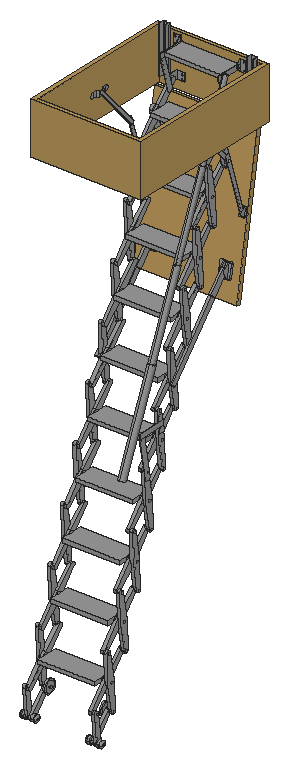
Revit family "schaartrap_Small+ 700x1000mm", category Generic Models, Revit 2019 (continued)
Automatic sketch dimensions
  Extrusion 87 sketch curve to Extrusion 87 sketch curve = 294.54 mm
  Extrusion 87 sketch curve to Extrusion 87 sketch curve = 92.391 mm
  Extrusion 87 sketch curve to Extrusion 87 sketch curve = 293.597 mm
  Extrusion 87 sketch curve to Extrusion 87 sketch curve = 0 mm  (x20)
  Extrusion 87 sketch curve to Extrusion 87 sketch curve = 92.554 mm
  Extrusion 87 sketch curve to Extrusion 87 sketch curve = 294.085 mm
  Extrusion 47 sketch curve to Extrusion 47 sketch curve = 5.05 mm  (x10)
  Extrusion 47 sketch curve to Extrusion 47 sketch curve = 92.56 mm
  Extrusion 47 sketch curve to Extrusion 47 sketch curve = 294.106 mm
  Extrusion 47 sketch curve to Extrusion 47 sketch curve = 92.528 mm
  Extrusion 47 sketch curve to Extrusion 47 sketch curve = 294.008 mm
  Extrusion 47 sketch curve to Extrusion 47 sketch curve = 92.614 mm
  Extrusion 47 sketch curve to Extrusion 47 sketch curve = 294.266 mm
  Extrusion 47 sketch curve to Extrusion 47 sketch curve = 92.482 mm
  Extrusion 47 sketch curve to Extrusion 47 sketch curve = 293.871 mm
  Extrusion 47 sketch curve to Extrusion 47 sketch curve = 92.659 mm
  Extrusion 47 sketch curve to Extrusion 47 sketch curve = 294.403 mm
  Extrusion 47 sketch curve to Extrusion 47 sketch curve = 92.571 mm
  Extrusion 47 sketch curve to Extrusion 47 sketch curve = 294.137 mm
  Extrusion 47 sketch curve to Extrusion 47 sketch curve = 92.705 mm
  Extrusion 47 sketch curve to Extrusion 47 sketch curve = 294.54 mm
  Extrusion 47 sketch curve to Extrusion 47 sketch curve = 92.391 mm
  Extrusion 47 sketch curve to Extrusion 47 sketch curve = 293.597 mm
  Extrusion 47 sketch curve to Extrusion 47 sketch curve = 0 mm  (x20)
  Extrusion 47 sketch curve to Extrusion 47 sketch curve = 92.554 mm
  Extrusion 47 sketch curve to Extrusion 47 sketch curve = 294.085 mm
  Extrusion 70 sketch curve to Extrusion 70 sketch curve = 5.05 mm  (x10)
  Extrusion 70 sketch curve to Extrusion 70 sketch curve = 92.56 mm
  Extrusion 70 sketch curve to Extrusion 70 sketch curve = 294.106 mm
  Extrusion 70 sketch curve to Extrusion 70 sketch curve = 92.528 mm
  Extrusion 70 sketch curve to Extrusion 70 sketch curve = 294.008 mm
  Extrusion 70 sketch curve to Extrusion 70 sketch curve = 92.614 mm
  Extrusion 70 sketch curve to Extrusion 70 sketch curve = 294.266 mm
  Extrusion 70 sketch curve to Extrusion 70 sketch curve = 92.482 mm
  Extrusion 70 sketch curve to Extrusion 70 sketch curve = 293.871 mm
  Extrusion 70 sketch curve to Extrusion 70 sketch curve = 92.659 mm
  Extrusion 70 sketch curve to Extrusion 70 sketch curve = 294.403 mm
  Extrusion 70 sketch curve to Extrusion 70 sketch curve = 92.571 mm
  Extrusion 70 sketch curve to Extrusion 70 sketch curve = 294.137 mm
  Extrusion 70 sketch curve to Extrusion 70 sketch curve = 92.705 mm
  Extrusion 70 sketch curve to Extrusion 70 sketch curve = 294.54 mm
  Extrusion 70 sketch curve to Extrusion 70 sketch curve = 92.391 mm
  Extrusion 70 sketch curve to Extrusion 70 sketch curve = 293.597 mm
  Extrusion 70 sketch curve to Extrusion 70 sketch curve = 0 mm  (x20)
  Extrusion 70 sketch curve to Extrusion 70 sketch curve = 92.554 mm
  Extrusion 70 sketch curve to Extrusion 70 sketch curve = 294.085 mm
  curve 17 to plane 12 = 0 mm
  curve 2 to plane 31 = 0 mm
  curve 14 to plane 3 "Center (Left/Right)" = 0 mm
  curve 1 to plane 3 "Center (Left/Right)" = 0 mm
  curve 19 to plane 11 = 0 mm
  curve 17 to plane 18 = 0 mm
  curve 14 to curve 11 = 25.981 mm
  plane 3 "Center (Left/Right)" to curve 13 = 25.981 mm
  curve 1 to plane 24 = 140.048 mm
  plane 19 to curve 13 = 17 mm
  plane 5 to curve 2 = 6.5 mm
  plane 5 to curve 16 = 6.5 mm
  curve 9 to plane 24 = 17.69 mm
  curve 9 to plane 4 = 6.5 mm
  curve 16 to plane 4 = 6.5 mm
  curve 1 to plane 32 = 1.288 mm
  plane 18 to curve 16 = 171.173 mm
  curve 16 to curve 2 = 44.529 mm
  curve 16 to curve 3 = 44.529 mm
  curve 2 to curve 10 = 47.943 mm
  curve 8 to plane 23 = 8.435 mm
  curve 8 to curve 7 = 97.755 mm
  curve 7 to curve 6 = 97.755 mm
  curve 5 to plane 29 = 41.452 mm
  curve 4 to plane 19 = 1.002 mm
  Extrusion 25 sketch curve to plane 19 = 1.833 mm
  Extrusion 25 sketch curve to plane 17 = 19.289 mm
  plane 29 to Extrusion 25 sketch curve = 95.548 mm
  plane 29 to Extrusion 25 sketch curve = 56.302 mm
  Extrusion 25 sketch curve to plane 29 = 2.207 mm
  Extrusion 25 sketch curve to plane 29 = 41.452 mm
  Extrusion 25 sketch curve to plane 29 = 99.962 mm
  Extrusion 25 sketch curve to Extrusion 25 sketch curve = 137 mm  (x2)
  plane 23 to Extrusion 25 sketch curve = 128.565 mm
  plane 23 to Extrusion 25 sketch curve = 89.319 mm
  plane 23 to Extrusion 25 sketch curve = 30.81 mm
  Extrusion 25 sketch curve to plane 23 = 8.435 mm
  plane 24 to Extrusion 25 sketch curve = 21.555 mm
  Extrusion 25 sketch curve to plane 24 = 17.69 mm
  Extrusion 25 sketch curve to plane 24 = 76.199 mm
  Extrusion 25 sketch curve to plane 24 = 115.445 mm
  Extrusion 25 sketch curve to plane 24 = 173.954 mm
  plane 18 to Extrusion 25 sketch curve = 84.355 mm
  plane 18 to Extrusion 25 sketch curve = 44.796 mm
  Extrusion 25 sketch curve to plane 18 = 13.249 mm
  Extrusion 25 sketch curve to plane 18 = 52.645 mm
  Extrusion 25 sketch curve to plane 32 = 49.751 mm
  Extrusion 25 sketch curve to plane 16 "bk. omtimmering" = 68.741 mm
  Extrusion 25 sketch curve to Extrusion 25 sketch curve = 23.992 mm  (x11)
  Extrusion 25 sketch curve to Extrusion 25 sketch curve = 270.548 mm  (x7)
  Extrusion 25 sketch curve to Extrusion 25 sketch curve = 269.604 mm
  Extrusion 25 sketch curve to Extrusion 25 sketch curve = 270.093 mm
  Extrusion 26 sketch curve to plane 32 = 20.318 mm
  level to Extrusion 26 sketch curve = 20 mm
  Sweep 27 sketch curve to Sweep 27 sketch curve = 0 mm  (x2)
  Sweep 27 sketch curve to plane 32 = 20.318 mm
  level to Sweep 27 sketch curve = 20 mm
  Sweep 27 sketch curve to Sweep 27 sketch curve = 20 mm
  Sweep 27 sketch curve to profile plane = 0 mm  (x2)
  Sweep 27 sketch curve to profile plane = 7.976 mm
  Sweep 27 sketch curve to Sweep 27 sketch curve = 2.281 mm
  Extrusion 28 sketch curve to plane 32 = 20.318 mm
  level to Extrusion 28 sketch curve = 20 mm
  Sweep 29 sketch curve to Sweep 29 sketch curve = 0 mm  (x2)
  Sweep 29 sketch curve to plane 32 = 20.318 mm
  level to Sweep 29 sketch curve = 20 mm
  Sweep 29 sketch curve to Sweep 29 sketch curve = 20 mm
  profile plane to Sweep 29 sketch curve = 0 mm
  Sweep 29 sketch curve to profile plane = 0 mm
  profile plane to Sweep 29 sketch curve = 7.976 mm
  Sweep 29 sketch curve to Sweep 29 sketch curve = 2.281 mm
  Sweep 30 sketch curve to plane 11 = 0 mm
  Sweep 30 sketch curve to plane 12 = 0 mm
  Sweep 30 sketch curve to plane 16 "bk. omtimmering" = 0 mm
  Sweep 30 sketch curve to profile plane = 0 mm
  profile plane to Sweep 30 sketch curve = 24 mm
  Sweep 30 sketch curve to Sweep 30 sketch curve = 320 mm
  plane 9 to Extrusion 31 sketch curve = 0 mm
  Extrusion 31 sketch curve to plane 5 = 0 mm
  plane 8 to Extrusion 31 sketch curve = 9.846 mm  (x2)
  plane 21 to Extrusion 31 sketch curve = 71.874 mm
  Extrusion 31 sketch curve to Extrusion 31 sketch curve = 9.769 mm
  Extrusion 31 sketch curve to plane 16 "bk. omtimmering" = 24.769 mm
  Extrusion 31 sketch curve to plane 16 "bk. omtimmering" = 15 mm
  Extrusion 32 sketch curve to plane 7 = 0 mm
  Extrusion 32 sketch curve to plane 4 = 0 mm
  Extrusion 32 sketch curve to plane 6 = 9.846 mm  (x2)
  Extrusion 32 sketch curve to plane 21 = 71.874 mm
  Extrusion 32 sketch curve to Extrusion 32 sketch curve = 9.769 mm
  plane 16 "bk. omtimmering" to Extrusion 32 sketch curve = 24.769 mm
  plane 16 "bk. omtimmering" to Extrusion 32 sketch curve = 15 mm
  plane 14 to Extrusion 33 sketch curve = 1 mm  (x2)
  Extrusion 33 sketch curve to plane 14 = 2 mm  (x2)
  Extrusion 33 sketch curve to plane 14 = 15 mm
  Extrusion 33 sketch curve to Extrusion 33 sketch curve = 3 mm
  plane 23 to Extrusion 33 sketch curve = 6.5 mm
  Extrusion 33 sketch curve to Extrusion 33 sketch curve = 22.101 mm  (x2)
  Extrusion 33 sketch curve to Extrusion 33 sketch curve = 1.562 mm  (x4)
  Extrusion 33 sketch curve to Extrusion 33 sketch curve = 11.203 mm  (x2)
  Extrusion 33 sketch curve to Extrusion 33 sketch curve = 28.769 mm
  Extrusion 34 sketch curve to plane 22 = 0 mm
  plane 22 to Extrusion 34 sketch curve = 0 mm
  plane 23 to Extrusion 34 sketch curve = 14.75 mm
  Extrusion 34 sketch curve to Extrusion 34 sketch curve = 82 mm
  Extrusion 35 sketch curve to plane 22 = 2.792 mm
  plane 23 to Extrusion 35 sketch curve = 44.964 mm
  plane 22 to Extrusion 35 sketch curve = 3.726 mm
  Extrusion 35 sketch curve to Extrusion 35 sketch curve = 7.584 mm
  Extrusion 35 sketch curve to plane 21 = 4.756 mm
  Extrusion 35 sketch curve to plane 29 = 46.658 mm
  Extrusion 35 sketch curve to Extrusion 35 sketch curve = 15.167 mm
  Extrusion 36 sketch curve to plane 21 = 0 mm
  Extrusion 36 sketch curve to plane 20 = 0 mm
  plane 20 to Extrusion 36 sketch curve = 0 mm
  plane 22 to Extrusion 36 sketch curve = 0 mm
  plane 23 to Extrusion 36 sketch curve = 6.5 mm
  Extrusion 36 sketch curve to Extrusion 36 sketch curve = 98.5 mm
  Extrusion 37 sketch curve to Extrusion 37 sketch curve = 0 mm  (x4)
  Extrusion 37 sketch curve to plane 22 = 0 mm
  plane 23 to Extrusion 37 sketch curve = 55.75 mm
  Extrusion 37 sketch curve to plane 29 = 42.39 mm
  Extrusion 37 sketch curve to plane 17 = 115.428 mm
  Extrusion 37 sketch curve to Extrusion 37 sketch curve = 3.25 mm
  Extrusion 37 sketch curve to Extrusion 37 sketch curve = 4 mm
  Extrusion 38 sketch curve to plane 13 = 1 mm  (x2)
  plane 13 to Extrusion 38 sketch curve = 2 mm  (x2)
  plane 13 to Extrusion 38 sketch curve = 15 mm
  Extrusion 38 sketch curve to Extrusion 38 sketch curve = 3 mm
  Extrusion 38 sketch curve to plane 23 = 6.5 mm
  Extrusion 38 sketch curve to Extrusion 38 sketch curve = 22.101 mm  (x2)
  Extrusion 38 sketch curve to Extrusion 38 sketch curve = 1.562 mm  (x4)
  Extrusion 38 sketch curve to Extrusion 38 sketch curve = 11.203 mm  (x2)
  Extrusion 38 sketch curve to Extrusion 38 sketch curve = 28.769 mm
  Extrusion 39 sketch curve to plane 21 = 0 mm
  Extrusion 39 sketch curve to plane 20 = 0 mm  (x2)
  Extrusion 39 sketch curve to plane 22 = 0 mm
  plane 23 to Extrusion 39 sketch curve = 6.5 mm
  Extrusion 39 sketch curve to Extrusion 39 sketch curve = 98.5 mm
  Extrusion 40 sketch curve to plane 22 = 2.792 mm
  plane 23 to Extrusion 40 sketch curve = 44.964 mm
  plane 22 to Extrusion 40 sketch curve = 3.726 mm
  Extrusion 40 sketch curve to Extrusion 40 sketch curve = 7.584 mm
  Extrusion 40 sketch curve to plane 21 = 4.756 mm
  Extrusion 40 sketch curve to plane 29 = 46.658 mm
  Extrusion 40 sketch curve to Extrusion 40 sketch curve = 15.167 mm
  Extrusion 41 sketch curve to Extrusion 41 sketch curve = 0 mm  (x4)
  plane 5 to Extrusion 41 sketch curve = 15.736 mm  (x2)
  plane 27 to Extrusion 41 sketch curve = 4.751 mm
  plane 28 to Extrusion 41 sketch curve = 26.001 mm
  Extrusion 41 sketch curve to Extrusion 41 sketch curve = 5 mm  (x2)
  Extrusion 42 sketch curve to Extrusion 42 sketch curve = 0 mm  (x4)
  plane 4 to Extrusion 42 sketch curve = 15.736 mm  (x2)
  Extrusion 42 sketch curve to plane 27 = 4.751 mm
  Extrusion 42 sketch curve to plane 28 = 26.001 mm
  Extrusion 42 sketch curve to Extrusion 42 sketch curve = 5 mm  (x2)
  Extrusion 43 sketch curve to plane 32 = 20.318 mm
  level to Extrusion 43 sketch curve = 20 mm
  Sweep 44 sketch curve to Sweep 44 sketch curve = 0 mm  (x2)
  Sweep 44 sketch curve to plane 32 = 20.318 mm
  level to Sweep 44 sketch curve = 20 mm
  Sweep 44 sketch curve to Sweep 44 sketch curve = 20 mm
  profile plane to Sweep 44 sketch curve = 0 mm
  Sweep 44 sketch curve to profile plane = 0 mm
  profile plane to Sweep 44 sketch curve = 7.976 mm
  Sweep 44 sketch curve to Sweep 44 sketch curve = 2.281 mm
  Extrusion 45 sketch curve to plane 32 = 20.318 mm
  level to Extrusion 45 sketch curve = 20 mm
  Sweep 46 sketch curve to Sweep 46 sketch curve = 0 mm  (x2)
  Sweep 46 sketch curve to plane 32 = 20.318 mm
  level to Sweep 46 sketch curve = 20 mm
  Sweep 46 sketch curve to Sweep 46 sketch curve = 20 mm
  Sweep 46 sketch curve to profile plane = 0 mm  (x2)
  Sweep 46 sketch curve to profile plane = 7.976 mm
  Sweep 46 sketch curve to Sweep 46 sketch curve = 2.281 mm
  plane 19 to Extrusion 48 sketch curve = 11.998 mm
  plane 29 to Extrusion 48 sketch curve = 45.471 mm
  Extrusion 48 sketch curve to plane 16 "bk. omtimmering" = 74.749 mm
  Extrusion 48 sketch curve to Extrusion 48 sketch curve = 15 mm
  plane 26 to Extrusion 49 sketch curve = 0.542 mm
  plane 19 to Extrusion 49 sketch curve = 70.135 mm
  Extrusion 49 sketch curve to Extrusion 49 sketch curve = 6.81 mm  (x2)
  Extrusion 49 sketch curve to Extrusion 49 sketch curve = 202.937 mm
  Extrusion 49 sketch curve to Extrusion 49 sketch curve = 0.297 mm
  Extrusion 49 sketch curve to Extrusion 49 sketch curve = 5.37 mm
  Extrusion 49 sketch curve to Extrusion 49 sketch curve = 13.365 mm
  Extrusion 49 sketch curve to Extrusion 49 sketch curve = 39.944 mm
  Extrusion 49 sketch curve to Extrusion 49 sketch curve = 15 mm
  Extrusion 50 sketch curve to Extrusion 50 sketch curve = 0 mm  (x2)
  plane 29 to Extrusion 50 sketch curve = 45.963 mm
  Extrusion 50 sketch curve to plane 16 "bk. omtimmering" = 59.978 mm
  Extrusion 50 sketch curve to Extrusion 50 sketch curve = 5.05 mm
  plane 19 to Extrusion 51 sketch curve = 11.998 mm
  plane 29 to Extrusion 51 sketch curve = 45.471 mm
  Extrusion 51 sketch curve to plane 16 "bk. omtimmering" = 44.749 mm
  Extrusion 51 sketch curve to Extrusion 51 sketch curve = 15 mm
  plane 26 to Extrusion 52 sketch curve = 0.542 mm
  plane 19 to Extrusion 52 sketch curve = 70.135 mm
  Extrusion 52 sketch curve to Extrusion 52 sketch curve = 6.81 mm  (x2)
  Extrusion 52 sketch curve to Extrusion 52 sketch curve = 202.937 mm
  Extrusion 52 sketch curve to Extrusion 52 sketch curve = 0.297 mm
  Extrusion 52 sketch curve to Extrusion 52 sketch curve = 5.37 mm
  Extrusion 52 sketch curve to Extrusion 52 sketch curve = 13.213 mm
  Extrusion 52 sketch curve to Extrusion 52 sketch curve = 15 mm
  Extrusion 52 sketch curve to Extrusion 52 sketch curve = 13.365 mm
  Extrusion 53 sketch curve to Extrusion 53 sketch curve = 0 mm  (x2)
  plane 29 to Extrusion 53 sketch curve = 45.963 mm
  Extrusion 53 sketch curve to plane 16 "bk. omtimmering" = 59.978 mm
  Extrusion 53 sketch curve to Extrusion 53 sketch curve = 5.05 mm
  curve 21 to plane 3 "Center (Left/Right)" = 0 mm
  curve 25 to plane 3 "Center (Left/Right)" = 0 mm
  plane 3 "Center (Left/Right)" to curve 22 = 17.028 mm
  curve 21 to curve 22 = 0 mm
  curve 21 to curve 25 = 117.973 mm
  curve 25 to plane 3 "Center (Left/Right)" = 17.028 mm
  curve 21 to curve 21 = 3882.912 mm
  plane 29 to Extrusion 88 sketch curve = 0.779 mm
  Extrusion 88 sketch curve to Extrusion 88 sketch curve = 23.635 mm
  Extrusion 88 sketch curve to plane 17 = 3.939 mm
  plane 19 to Extrusion 88 sketch curve = 26.42 mm
  Extrusion 88 sketch curve to Extrusion 88 sketch curve = 4.168 mm
  Extrusion 97 sketch curve to Extrusion 88 = 115.004 mm
  Extrusion 97 sketch curve to Extrusion 97 sketch curve = 10 mm  (x3)
  Extrusion 97 sketch curve to Extrusion 97 sketch curve = 73.838 mm
  Extrusion 97 sketch curve to Extrusion 97 sketch curve = 0 mm
  Extrusion 88 to Extrusion 97 sketch curve = 51.5 mm
  Extrusion 97 sketch curve to Extrusion 97 sketch curve = 51 mm
  Extrusion 98 sketch curve to Extrusion 88 = 115.004 mm
  Extrusion 98 sketch curve to Extrusion 98 sketch curve = 10 mm  (x3)
  Extrusion 98 sketch curve to Extrusion 98 sketch curve = 73.838 mm
  Extrusion 98 sketch curve to Extrusion 98 sketch curve = 0 mm
  Extrusion 88 to Extrusion 98 sketch curve = 122.5 mm
  Extrusion 98 sketch curve to Extrusion 98 sketch curve = 51 mm
  Extrusion 99 sketch curve to plane 14 = 44.5 mm
  Extrusion 99 sketch curve to Extrusion 99 sketch curve = 60 mm
  Extrusion 99 sketch curve to plane 14 = 10 mm
  plane 10 to Extrusion 100 sketch curve = 20 mm
  Extrusion 100 sketch curve to Extrusion 100 sketch curve = 60 mm
  Extrusion 100 sketch curve to plane 13 = 10 mm
  Extrusion 102 sketch curve to Extrusion 102 sketch curve = 0 mm  (x5)
  Extrusion 102 sketch curve to plane 19 = 0.999 mm
  Extrusion 102 sketch curve to plane 14 = 25 mm
  Extrusion 102 sketch curve to Extrusion 102 sketch curve = 2 mm
  Extrusion 102 sketch curve to Extrusion 102 sketch curve = 1.001 mm
  plane 9 to Extrusion 102 sketch curve = 32.5 mm
  Extrusion 102 sketch curve to Extrusion 102 sketch curve = 1 mm
  plane 19 to Extrusion 102 sketch curve = 26.998 mm  (x2)
  plane 26 to Extrusion 103 sketch curve = 0 mm
  plane 21 to Extrusion 103 sketch curve = 0 mm
  Extrusion 103 sketch curve to plane 26 = 8.998 mm
  plane 19 to Extrusion 103 sketch curve = 31.998 mm
  Extrusion 103 sketch curve to Extrusion 103 sketch curve = 5 mm
  plane 19 to Extrusion 103 sketch curve = 13.542 mm  (x13)
  Extrusion 103 sketch curve to plane 28 = 5 mm
  Extrusion 103 sketch curve to Extrusion 103 sketch curve = 4.458 mm
  Extrusion 103 sketch curve to plane 22 = 5 mm
  plane 16 "bk. omtimmering" to Extrusion 103 sketch curve = 5 mm
  Extrusion 103 sketch curve to Extrusion 103 sketch curve = 6.002 mm
  plane 27 to Extrusion 103 sketch curve = 5 mm
  Extrusion 103 sketch curve to plane 27 = 15 mm
  plane 28 to Extrusion 103 sketch curve = 15 mm
  plane 21 to Extrusion 103 sketch curve = 20 mm
  Extrusion 103 sketch curve to Extrusion 103 sketch curve = 20 mm  (x5)
  Extrusion 103 sketch curve to plane 16 "bk. omtimmering" = 15 mm
  Extrusion 104 sketch curve to Extrusion 104 sketch curve = 0 mm  (x5)
  plane 19 to Extrusion 104 sketch curve = 0.999 mm
  plane 13 to Extrusion 104 sketch curve = 25 mm
  Extrusion 104 sketch curve to Extrusion 104 sketch curve = 2 mm
  Extrusion 104 sketch curve to Extrusion 104 sketch curve = 1.001 mm
  Extrusion 104 sketch curve to plane 10 = 2.5 mm
  Extrusion 104 sketch curve to plane 10 = 1.5 mm
  Extrusion 104 sketch curve to plane 19 = 26.998 mm  (x2)
  plane 26 to Extrusion 105 sketch curve = 0 mm
  Extrusion 105 sketch curve to plane 21 = 0 mm
  Extrusion 105 sketch curve to plane 26 = 8.998 mm
  plane 19 to Extrusion 105 sketch curve = 31.998 mm
  Extrusion 105 sketch curve to Extrusion 105 sketch curve = 5 mm
  plane 19 to Extrusion 105 sketch curve = 13.542 mm  (x13)
  Extrusion 105 sketch curve to plane 28 = 5 mm
  Extrusion 105 sketch curve to Extrusion 105 sketch curve = 4.458 mm
  Extrusion 105 sketch curve to plane 22 = 5 mm
  plane 16 "bk. omtimmering" to Extrusion 105 sketch curve = 5 mm
  Extrusion 105 sketch curve to plane 16 "bk. omtimmering" = 15 mm
  Extrusion 105 sketch curve to Extrusion 105 sketch curve = 20 mm  (x5)
  plane 21 to Extrusion 105 sketch curve = 20 mm
  plane 28 to Extrusion 105 sketch curve = 15 mm
  Extrusion 105 sketch curve to plane 27 = 15 mm
  plane 27 to Extrusion 105 sketch curve = 5 mm
  Extrusion 105 sketch curve to Extrusion 105 sketch curve = 6.002 mm
  Extrusion 106 sketch curve to plane 8 = 0 mm
  plane 19 to Extrusion 106 sketch curve = 0 mm
  Extrusion 106 sketch curve to Extrusion 106 sketch curve = 4 mm
  Extrusion 106 sketch curve to plane 19 = 4 mm
  plane 5 to Extrusion 106 sketch curve = 25 mm
  plane 19 to Extrusion 106 sketch curve = 66 mm
  Extrusion 107 sketch curve to Extrusion 107 sketch curve = 0 mm  (x2)
  Extrusion 107 sketch curve to plane 27 = 16.952 mm
  plane 19 to Extrusion 107 sketch curve = 49.888 mm
  Extrusion 107 sketch curve to Extrusion 107 sketch curve = 5.05 mm
  Extrusion 108 sketch curve to plane 6 = 0 mm
  plane 19 to Extrusion 108 sketch curve = 0 mm
  Extrusion 108 sketch curve to Extrusion 108 sketch curve = 4 mm
  plane 19 to Extrusion 108 sketch curve = 4 mm
  plane 4 to Extrusion 108 sketch curve = 25 mm
  Extrusion 108 sketch curve to plane 19 = 66 mm
  Extrusion 62 sketch curve to Extrusion 62 sketch curve = 0 mm  (x2)
  Extrusion 62 sketch curve to Extrusion 62 sketch curve = 23.387 mm
  Extrusion 62 sketch curve to Extrusion 62 sketch curve = 273.29 mm
  Extrusion 62 sketch curve to Extrusion 62 sketch curve = 12.526 mm  (x2)
  Extrusion 62 sketch curve to Extrusion 62 sketch curve = 10.857 mm
  Extrusion 62 sketch curve to Extrusion 62 sketch curve = 18.789 mm
  Extrusion 62 sketch curve to Extrusion 62 sketch curve = 20.582 mm
  Extrusion 62 sketch curve to Extrusion 62 sketch curve = 15.592 mm  (x2)
  Extrusion 62 sketch curve to Extrusion 62 sketch curve = 5.25 mm
  Extrusion 63 sketch curve to Extrusion 63 sketch curve = 27.285 mm
  Extrusion 63 sketch curve to Extrusion 63 sketch curve = 94.258 mm
  Extrusion 63 sketch curve to Extrusion 63 sketch curve = 21.921 mm
  Extrusion 17 sketch curve to Extrusion 17 sketch curve = 0 mm  (x2)
  Extrusion 17 sketch curve to Extrusion 17 sketch curve = 23.387 mm
  Extrusion 17 sketch curve to Extrusion 17 sketch curve = 273.29 mm
  Extrusion 17 sketch curve to Extrusion 17 sketch curve = 12.526 mm  (x2)
  Extrusion 17 sketch curve to Extrusion 17 sketch curve = 10.857 mm
  Extrusion 17 sketch curve to Extrusion 17 sketch curve = 18.789 mm
  Extrusion 17 sketch curve to Extrusion 17 sketch curve = 20.582 mm
  Extrusion 17 sketch curve to Extrusion 17 sketch curve = 15.592 mm  (x2)
  Extrusion 17 sketch curve to Extrusion 17 sketch curve = 5.25 mm
  Extrusion 18 sketch curve to Extrusion 18 sketch curve = 27.285 mm
  Extrusion 18 sketch curve to Extrusion 18 sketch curve = 94.258 mm
  Extrusion 18 sketch curve to Extrusion 18 sketch curve = 21.921 mm
  Extrusion 80 sketch curve to Extrusion 80 sketch curve = 0 mm  (x2)
  Extrusion 80 sketch curve to Extrusion 80 sketch curve = 22.419 mm
  Extrusion 80 sketch curve to Extrusion 80 sketch curve = 288.814 mm
  Extrusion 80 sketch curve to Extrusion 80 sketch curve = 13.289 mm  (x2)
  Extrusion 80 sketch curve to Extrusion 80 sketch curve = 12.651 mm
  Extrusion 80 sketch curve to Extrusion 80 sketch curve = 19.934 mm
  Extrusion 80 sketch curve to Extrusion 80 sketch curve = 20.64 mm
  Extrusion 80 sketch curve to Extrusion 80 sketch curve = 14.946 mm
  Extrusion 80 sketch curve to Extrusion 80 sketch curve = 15.209 mm
  Extrusion 80 sketch curve to Extrusion 80 sketch curve = 5.243 mm
  Extrusion 81 sketch curve to Extrusion 81 sketch curve = 26.156 mm
  Extrusion 81 sketch curve to Extrusion 81 sketch curve = 100.003 mm
  Extrusion 81 sketch curve to Extrusion 81 sketch curve = 23.257 mm
  Extrusion 93 sketch curve to Extrusion 93 sketch curve = 19.372 mm
  Extrusion 93 sketch curve to Extrusion 93 sketch curve = 9.746 mm
  Extrusion 93 sketch curve to Extrusion 93 sketch curve = 45.072 mm
  Extrusion 93 sketch curve to Extrusion 93 sketch curve = 10.613 mm
  Extrusion 93 sketch curve to Extrusion 93 sketch curve = 18.776 mm
  Extrusion 93 sketch curve to Extrusion 93 sketch curve = 6.129 mm
  Extrusion 93 sketch curve to Extrusion 93 sketch curve = 221.487 mm
  Extrusion 93 sketch curve to Extrusion 93 sketch curve = 15.803 mm
  Extrusion 94 sketch curve to Extrusion 94 sketch curve = 3.617 mm
  Extrusion 94 sketch curve to Extrusion 94 sketch curve = 23.983 mm
  Extrusion 94 sketch curve to Extrusion 94 sketch curve = 114.553 mm
  Extrusion 94 sketch curve to Extrusion 94 sketch curve = 25.108 mm
  Extrusion 94 sketch curve to Extrusion 94 sketch curve = 1.631 mm
  Extrusion 94 sketch curve to Extrusion 94 sketch curve = 18.023 mm
  Extrusion 94 sketch curve to Extrusion 94 sketch curve = 2.05 mm
  Extrusion 94 sketch curve to Extrusion 94 sketch curve = 13.603 mm
  Extrusion 11 sketch curve to Extrusion 11 sketch curve = 19.372 mm
  Extrusion 11 sketch curve to Extrusion 11 sketch curve = 9.746 mm
  Extrusion 11 sketch curve to Extrusion 11 sketch curve = 45.072 mm
  Extrusion 11 sketch curve to Extrusion 11 sketch curve = 10.613 mm
  Extrusion 11 sketch curve to Extrusion 11 sketch curve = 18.776 mm
  Extrusion 11 sketch curve to Extrusion 11 sketch curve = 6.129 mm
  Extrusion 11 sketch curve to Extrusion 11 sketch curve = 221.487 mm
  Extrusion 11 sketch curve to Extrusion 11 sketch curve = 15.803 mm
  Extrusion 12 sketch curve to Extrusion 12 sketch curve = 3.617 mm
  Extrusion 12 sketch curve to Extrusion 12 sketch curve = 23.983 mm
  Extrusion 12 sketch curve to Extrusion 12 sketch curve = 114.553 mm
  Extrusion 12 sketch curve to Extrusion 12 sketch curve = 25.108 mm
  Extrusion 12 sketch curve to Extrusion 12 sketch curve = 1.631 mm
  Extrusion 12 sketch curve to Extrusion 12 sketch curve = 18.023 mm
  Extrusion 12 sketch curve to Extrusion 12 sketch curve = 2.05 mm
  Extrusion 12 sketch curve to Extrusion 12 sketch curve = 13.603 mm
  Extrusion 101 sketch curve to Extrusion 101 sketch curve = 0 mm  (x6)
  plane 18 to Extrusion 101 sketch curve = 149.362 mm
  Extrusion 101 sketch curve to plane 24 = 166.721 mm
  Extrusion 101 sketch curve to Extrusion 101 sketch curve = 3.637 mm
  Extrusion 101 sketch curve to Extrusion 101 sketch curve = 3.907 mm  (x4)
  Extrusion 101 sketch curve to plane 24 = 61.706 mm
  Extrusion 101 sketch curve to plane 24 = 53.968 mm
  plane 29 to Extrusion 101 sketch curve = 7.595 mm
  level to Extrusion 101 sketch curve = 1328.408 mm
  Extrusion 101 sketch curve to Extrusion 101 sketch curve = 0.727 mm  (x2)
  Extrusion 101 sketch curve to Extrusion 101 sketch curve = 19.537 mm
  Extrusion 101 sketch curve to Extrusion 101 sketch curve = 198.852 mm
  Extrusion 101 sketch curve to Extrusion 101 sketch curve = 31.782 mm
  Extrusion 101 sketch curve to Extrusion 101 sketch curve = 75.837 mm
  Extrusion 101 sketch curve to Extrusion 101 sketch curve = 603.674 mm
  Extrusion 101 sketch curve to Extrusion 101 sketch curve = 5.05 mm  (x3)
  radius of Sweep 7 sketch curve = 20 mm
  radius of Sweep 8 sketch curve = 17.5 mm
  radius of Sweep 9 sketch curve = 15 mm
  radius of Sweep 10 sketch curve = 12.5 mm
  radius of Extrusion 67 sketch curve = 4 mm
  radius of Extrusion 68 sketch curve = 4 mm
  radius of Extrusion 85 sketch curve = 4 mm
  radius of Extrusion 86 sketch curve = 4 mm
  radius of Sweep 89 sketch curve = 20 mm
  radius of Sweep 90 sketch curve = 17.5 mm
  radius of Sweep 91 sketch curve = 15 mm
  radius of Sweep 92 sketch curve = 12.5 mm
  radius of Extrusion 69 sketch curve = 21 mm  (x10)
  radius of Extrusion 24 sketch curve = 21 mm  (x10)
  radius of Extrusion 71 sketch curve = 21 mm  (x10)
  radius of Extrusion 56 sketch curve = 5.05 mm  (x20)
  radius of Extrusion 56 sketch curve = 5 mm  (x10)
  radius of Extrusion 3 sketch curve = 5.05 mm  (x20)
  radius of Extrusion 3 sketch curve = 5 mm  (x10)
  radius of Extrusion 74 sketch curve = 5.05 mm  (x20)
  radius of Extrusion 74 sketch curve = 5 mm  (x10)
  radius of Extrusion 26 sketch curve = 20 mm
  radius of Extrusion 28 sketch curve = 20 mm
  radius of Extrusion 31 sketch curve = 5 mm  (x2)
  radius of Extrusion 32 sketch curve = 5 mm  (x2)
  radius of Extrusion 34 sketch curve = 3.25 mm  (x2)
  radius of Extrusion 43 sketch curve = 20 mm
  radius of Extrusion 45 sketch curve = 20 mm
  radius of Extrusion 103 sketch curve = 5.25 mm  (x14)
  radius of Extrusion 105 sketch curve = 5.25 mm  (x14)
  radius of Extrusion 62 sketch curve = 5.25 mm  (x2)
  radius of Extrusion 17 sketch curve = 5.25 mm  (x2)
  radius of Extrusion 80 sketch curve = 5.25 mm  (x2)
  radius of Extrusion 101 sketch curve = 6 mm
